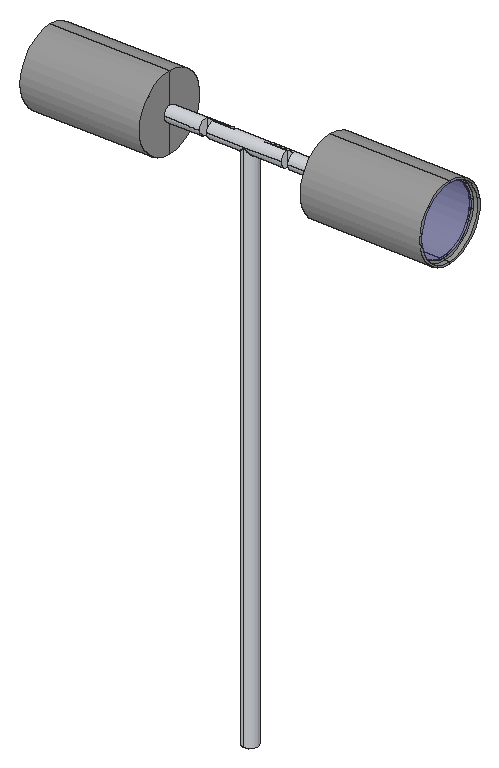
Revit family "Alcon-9170-D-18-Revit-Family", category Generic Models, host Face, Revit 2025
Family settings
  Host = Face
  Can host rebar = No
  Round Connector Dimension = Use Diameter
  Part Type = Normal
  Cut with Voids When Loaded = No
  Maintain Annotation Orientation = No
  Shared = No
  Room Calculation Point = No
Parameters
  URL = "https://www.alconlighting.com/?srsltid=AfmBOooDPhGQ0dEP-X2PMtxFfvvWpIAEL4jCll_O2F4_to5onvhnBomy"
  Product Page = "https://www.alconlighting.com/9170-d-alcon.html"
  Model = "9170-D-18"
  Manufacturer = "Alcon Lighting"
  Length Rotation 2 = 90.0365°
  Fixture Rotation = 90.00°
  Default Elevation = 4' - 0"
  Body = none
Reference planes (in)
  plane 1 "Center (Front/Back)": y = 0
  plane 2: z = 0
  plane 3 "Center (Left/Right)": x = 0
Forms (in)
  Extrusion 1, void
    sketch origin (0.14091, 0, 0) x (1, 0, 0) y (0, 1, 0)
      loop
        line (0.36144, 0) -> (1.18653, 0) -> (1.18653, 0.30004) -> (0.36144, 0.30004) -> (0.36144, 0)
      loop
        line (-0.64326, 0) -> (-0.64326, 0.30004) -> (-1.46835, 0.30004) -> (-1.46835, 0) -> (-0.64326, 0)
    from 16.53006 to 19.09167
  Extrusion 2, solid, material <- "Body"
    sketch origin (1.98551, 0, 0) x (1, 0, 0) y (0, 1, 0)
      loop
        circle (-1.98551, 0) r 0.25
    from 0 to 18
  Extrusion 3, solid, material <- "Body"
    sketch origin (-1.24627, 0, 0) x (0, 1, 0) y (0, 0, 1)
      loop
        circle (0, 18) r 0.25
    from 0 to 2.5
  Extrusion 4, void
    sketch origin (0, 0, 0) x (1, 0, 0) y (0, 0, 1)
      loop
        line (0, 18) -> (-0.26463, 17.73537) -> (0.26463, 17.73537) -> (0, 18)
    from -0.31788 to 0.3649
  Extrusion 5, void
    sketch origin (0, 0, 0) x (1, 0, 0) y (0, 0, 1)
      loop
        line (0, 18) -> (0.25, 17.75) -> (0.25, 18.01805) -> (-0.25, 18.01805) -> (-0.25, 17.75) -> (0, 18)
    from -0.31086 to 0.31596
Cuts and joins
  Extrusion 1, Extrusion 4 cuts Extrusion 3
  Extrusion 5 cuts Extrusion 2
Lines and regions (in)
  reference lines
    curve 1: line (0.94766, 0, 27.25) -> (0.94766, 0, 14.75)
    curve 2: line (-0.94646, 0, 27.25) -> (-0.94646, 0, 14.75)
Dimensions and locks (in)
  "Fixture Rotation": angle nested 1 to curve 1
  "Length Rotation 2": angle curve 2 to nested 2
  aligned and locked: plane 2 to host face
  aligned and locked: level to host face
Automatic sketch dimensions
  host sketch curve to host sketch curve = 8' - 0"  (x2)
  curve 2 to plane 3 "Center (Left/Right)" = 0' - 0.94646"
  plane 3 "Center (Left/Right)" to curve 1 = 0' - 0.94766"
  level to curve 1 = 1' - 2 3/4"
  curve 2 to curve 1 = 0' - 0"
  curve 2 to curve 2 = 1' - 0 1/2"
  curve 1 to curve 2 = 0' - 0"
  plane 1 "Center (Front/Back)" to Extrusion 1 sketch curve = 0' - 0"  (x2)
  Extrusion 1 sketch curve to plane 3 "Center (Left/Right)" = 0' - 1.32744"
  Extrusion 1 sketch curve to plane 3 "Center (Left/Right)" = 0' - 0.50235"
  plane 3 "Center (Left/Right)" to Extrusion 1 sketch curve = 0' - 0.50235"
  Extrusion 1 sketch curve to plane 1 "Center (Front/Back)" = 0' - 0.30004"
  Extrusion 1 sketch curve to Extrusion 1 sketch curve = 0' - 0.82509"
  Extrusion 1 sketch curve to Extrusion 1 sketch curve = 0' - 0.30004"
  Extrusion 2 sketch curve to Extrusion 2 sketch curve = 0' - 0"  (x2)
  Extrusion 2 sketch curve to plane 3 "Center (Left/Right)" = 0' - 0"
  plane 1 "Center (Front/Back)" to Extrusion 2 sketch curve = 0' - 0"
  plane 1 "Center (Front/Back)" to Extrusion 2 sketch curve = 0' - 0 1/4"
  Extrusion 3 sketch curve to Extrusion 3 sketch curve = 0' - 0"  (x2)
  Extrusion 3 sketch curve to plane 1 "Center (Front/Back)" = 0' - 0"
  level to Extrusion 3 sketch curve = 1' - 6"
  plane 1 "Center (Front/Back)" to Extrusion 3 sketch curve = 0' - 0 1/4"
  Extrusion 4 sketch curve to plane 3 "Center (Left/Right)" = 0' - 0"
  Extrusion 4 sketch curve to plane 3 "Center (Left/Right)" = 0' - 0.26463"
  plane 3 "Center (Left/Right)" to Extrusion 4 sketch curve = 0' - 0.26463"
  level to Extrusion 4 sketch curve = 1' - 5.73537"
  Extrusion 5 sketch curve to plane 3 "Center (Left/Right)" = 0' - 0"
  Extrusion 5 sketch curve to plane 3 "Center (Left/Right)" = 0' - 0 1/4"
  plane 3 "Center (Left/Right)" to Extrusion 5 sketch curve = 0' - 0 1/4"
  level to Extrusion 5 sketch curve = 1' - 5 3/4"
  Extrusion 5 sketch curve to Extrusion 5 sketch curve = 0' - 0"
  Extrusion 5 sketch curve to Extrusion 5 sketch curve = 0' - 0.01805"
Nested families (in)
  nested 1: "Alcon-9170-S-Housing-Revit-Family" at (0.94706, 0, 18) x (-1, 0, 0) z (0, -1, 0), type "Alcon-9170-S-Housing-Revit-Family"
    with built-in parameter 1001306 1.7292 (stored number, unit not read)
  nested 2: "Alcon-9170-S-Housing-Revit-Family" at (-0.94586, 0, 18) x (1, 0, 0.0006) z (0, -1, 0), type "Alcon-9170-S-Housing-Revit-Family"
    with built-in parameter 1001306 1.7292 (stored number, unit not read)
Definition of nested family "Alcon-9170-S-Housing-Revit-Family"
  Parameters (values of type "Alcon-9170-S-Housing-Revit-Family")
    Wattage = 9.2903 W
    built-in parameter 1150110 = 1 (stored number, unit not read)
    built-in parameter 1114217 = 1 (stored number, unit not read)
    Tilt Angle = 0.00°
    built-in parameter 1150109 = 1 (stored number, unit not read)
    built-in parameter 1150134 = 3
    built-in parameter 1150113 = 1 (stored number, unit not read)
    built-in parameter 1010507 = 1.5708 (stored number, unit not read)
    built-in parameter 1010506 = 0.5236 (stored number, unit not read)
    built-in parameter 1150105 = 4614.1 (stored number, unit not read)
    Lumens = 1380 lm
    built-in parameter 1150115 = 1 (stored number, unit not read)
    Light Source Symbol Length = 10' - 0"
    built-in parameter 1150137 = (empty or 0)
    built-in parameter 1150139 = (empty or 0)
    Lens = none
    built-in parameter 1001306 [instance] = 4' - 0"
    built-in parameter 1150112 = 1 (stored number, unit not read)
    built-in parameter 1150114 = 1 (stored number, unit not read)
    built-in parameter 1150132 = (empty or 0)
    built-in parameter 1150102 = (empty or 0)
    built-in parameter 1150107 = 3200 (stored number, unit not read)
    built-in parameter 1150138 = (empty or 0)
    built-in parameter 1150106 = 46.141 (stored number, unit not read)
    Housing = none
    built-in parameter 1150104 = 13.8 (stored number, unit not read)
    Dimming Lamp Color Temperature Shift = (empty or 0)
    Default Elevation = 0' - 0"
    Color Filter = 16777215
    built-in parameter 1114218 = 1 (stored number, unit not read)
    built-in parameter 1150133 = 10 (stored number, unit not read)
  Reference planes (in)
    plane 1 "Center (Front/Back)": y = 0
    plane 2: z = 0
    plane 3 "Left": x = 0
    plane 4 "Right": x = 48
  Forms (in)
    Revolve 1, solid, material <- "Housing"
      sketch origin (-6.74627, 0, 0) x (1, 0, 0) y (0, 1, 0)
        loop
          line (4.9375, 0) -> (5, 0) -> (5, 1.25) -> (1, 1.25) -> (1, 1.1875) -> (1.16706, 1.1875) -> (1.16706, 1.125) -> (1.22956, 1.125) -> (1.22956, 1.1875) -> (4.9375, 1.1875) -> (4.9375, 0)
        axis (1, 0) -> (5, 0)
      angle from 0 to 360
    Extrusion 2, solid, material <- "Lens"
      sketch origin (-5.5792, 0, 0) x (0, 1, 0) y (0, 0, -1)
        loop
          circle (0, 0) r 1.125
      from 0 to -0.0625
    Revolve 3, solid
      sketch origin (-6.74627, 0, 0) x (1, 0, 0) y (0, 0, 1)
        loop
          line (5, 0) -> (7, 0) -> (7, 0.25) -> (5, 0.25) -> (5, 0)
        axis (5, 0) -> (7, 0)
      angle from 0 to 360
    Extrusion 4, void
      sketch origin (-6.74627, 0, 0) x (1, 0, 0) y (0, 0, 1)
        loop
          line (6.21071, -0.03618) -> (7.05246, -0.03618) -> (7.05246, 0.26972) -> (6.21071, 0.26972) -> (6.21071, -0.03618)
      from -0.49956 to 0.5
  Cuts and joins
    Extrusion 4 cuts Revolve 3
  Lines and regions (in)
    reference lines
      curve 1: line (0, 0, 0) -> (48, 0, 0)
    model lines
      curve 2: line (0, 0, 0) -> (-27.5, 0, 0)
  Dimensions and locks (in)
    "built-in parameter 1001306": plane 3 "Left" to plane 4 "Right"
    aligned and locked: plane 4 "Right" to curve 1
    aligned and locked: plane 1 "Center (Front/Back)" to curve 1
    aligned and locked: plane 3 "Left" to curve 1
    aligned and locked: level to plane 2
    aligned and locked: imposter light to Extrusion 2
  Automatic sketch dimensions
    Extrusion 4 sketch curve to level = 0' - 0.03618"
    level to Extrusion 4 sketch curve = 0' - 0.26972"
    Extrusion 4 sketch curve to plane 3 "Left" = 0' - 0.53555"
    Extrusion 4 sketch curve to Extrusion 4 sketch curve = 0' - 0.84175"
    plane 1 "Center (Front/Back)" to curve 2 = 0' - 0"
    curve 2 to plane 3 "Left" = 0' - 0"
    curve 2 to curve 2 = 2' - 3 1/2"
    Revolve 3 sketch curve to level = 0' - 0"  (x2)
    Revolve 3 sketch curve to plane 3 "Left" = 0' - 1.74627"
    Revolve 3 sketch curve to Revolve 3 sketch curve = 0' - 0 1/4"  (x2)
    Revolve 3 sketch curve to Revolve 3 sketch curve = 0' - 0.34205"
    plane 3 "Left" to Revolve 3 sketch curve = 0' - 0.25373"
    plane 1 "Center (Front/Back)" to Revolve 1 sketch curve = 0' - 0"  (x2)
    Revolve 1 sketch curve to plane 1 "Center (Front/Back)" = 0' - 1 3/16"
    Revolve 1 sketch curve to plane 3 "Left" = 0' - 5.74627"
    Revolve 1 sketch curve to plane 1 "Center (Front/Back)" = 0' - 1 1/8"
    Revolve 1 sketch curve to Revolve 1 sketch curve = 0' - 0.16706"
    Revolve 1 sketch curve to Revolve 1 sketch curve = 0' - 0 1/16"  (x3)
    Revolve 1 sketch curve to plane 3 "Left" = 0' - 1.80877"
    Revolve 1 sketch curve to Revolve 1 sketch curve = 0' - 1 3/16"
    Revolve 1 sketch curve to Revolve 1 sketch curve = 0' - 0.68502"
    Revolve 1 sketch curve to Revolve 1 sketch curve = 0' - 2.12252"
    radius of Extrusion 2 sketch curve to Revolve 1 = 0' - 0"
